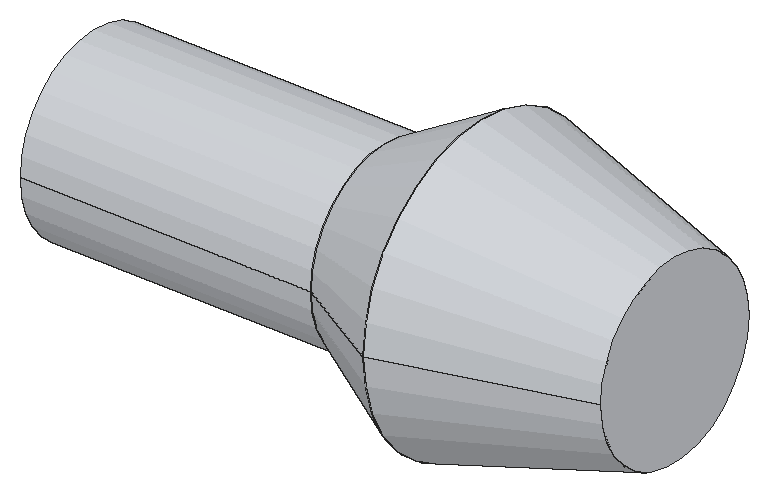
Revit family "M_Branch Connection - Welded - Generic", category Pipe Fittings, Revit 2014
Parameters (values of type "Standard")
  built-in parameter 1114214 [instance] = 25 mm
  built-in parameter 1114213 [instance] = 25 mm
  built-in parameter 1114215 [instance] = size_lookup(Lookup Table Name, "Lgt", 0.2 * Nominal Diameter + 27.583 mm, Nominal Diameter)  # 0.052083 (stored number, unit not read)
  Nominal Radius [instance] = 3 mm
  Nominal Diameter [instance] = Nominal Radius * 2  # 6 mm
  Lookup Table Name = "M_Branch Connection - Welded - Generic"
  Fitting Outside Radius 2 [instance] = Fitting Outside Diameter 2 / 2  # 7.938 mm
  Fitting Outside Radius 1 [instance] = Fitting Outside Diameter 1 / 2  # 12.7 mm
  Fitting Outside Diameter 2 [instance] = size_lookup(Lookup Table Name, "FOD2", 0.99 * Nominal Diameter + 12.7 mm, Nominal Diameter)  # 15.875 mm
  Fitting Outside Diameter 1 [instance] = size_lookup(Lookup Table Name, "FOD1", 1.11 * Nominal Diameter + 32.246 mm, Nominal Diameter)  # 25.4 mm
Reference planes
  plane 1 "Center (Front/Back)": y = 0
  plane 2: z = 0
  plane 3 "Center (Left/Right)": x = 0
  plane 4: x = -25
  plane 5: x = 25
  plane 6: x = 8.333
  plane 7: x = 16.667
Forms (mm)
  Extrusion 1, solid, detail levels fine
    sketch origin (0, 0, 0) x (0, 1, 0) y (0, 0, 1)
      loop
        circle (0, 0) r 7.938
    from -25 to 0
  Blend 2, solid, detail levels fine
    base sketch origin (0, 0, 0) x (0, 1, 0) y (0, 0, 1)
      loop
        circle (0, 0) r 7.938
    top sketch origin (0, 0, 0) x (0, 1, 0) y (0, 0, 1)
      loop
        circle (0, 0) r 12.7
    from 0 to 8.333
  Blend 3, solid, detail levels fine
    base sketch origin (0, 0, 0) x (0, 1, 0) y (0, 0, 1)
      loop
        circle (0, 0) r 7.938
    top sketch origin (0, 0, 0) x (0, 1, 0) y (0, 0, 1)
      loop
        circle (0, 0) r 12.7
    from 25 to 8.333
Dimensions and locks
  "built-in parameter 1114214": plane 4 to plane 3 "Center (Left/Right)"
  "built-in parameter 1114213": plane 3 "Center (Left/Right)" to plane 5
  equal spacing: plane 3 "Center (Left/Right)", plane 6, plane 7, plane 5
  "Fitting Outside Radius 2": radius of Extrusion 1 sketch curve
  "Fitting Outside Radius 2": radius of Blend 2 sketch curve
  "Fitting Outside Radius 1": radius of Blend 2 sketch curve
  "Fitting Outside Radius 2": radius of Blend 3 sketch curve
  "Fitting Outside Radius 1": radius of Blend 3 sketch curve
  aligned and locked: plane 2 to level
  aligned and locked: plane 2 to Extrusion 1 sketch curve
  aligned and locked: plane 1 "Center (Front/Back)" to Extrusion 1 sketch curve
  aligned and locked: Extrusion 1 to plane 4
  aligned and locked: plane 3 "Center (Left/Right)" to Extrusion 1
  aligned and locked: plane 2 to Blend 2 sketch curve  (x2)
  aligned and locked: plane 1 "Center (Front/Back)" to Blend 2 sketch curve  (x2)
  aligned and locked: Blend 2 to plane 3 "Center (Left/Right)"
  aligned and locked: plane 6 to Blend 2
  aligned and locked: plane 2 to Blend 3 sketch curve  (x2)
  aligned and locked: plane 1 "Center (Front/Back)" to Blend 3 sketch curve  (x2)
  aligned and locked: Blend 3 to plane 5
  aligned and locked: Blend 3 to plane 6
Connectors
  piping at (0, 0, 0), diameter 6, driven by "Nominal Radius"
    settings: on Blend 2, index 1, connector inside diameter 6 mm, connector length 0 mm, flow factor 0, pipe flow 0.0 L/s, pressure drop 0.0 Pa, fitting loss kfactor 0, connector angle 0.00°, fixture units 0, engagement length 0 mm, angle of deflection 0.00°, flow configuration 0, flow direction 0, fitting loss method 0, system type 28, joint type 0, gender type 0, connector reference index 2, connector utility 0, adjustable connector no, is connector primary yes, connector description ""
  piping at (25, 0, 0), diameter 6, driven by "Nominal Radius"
    settings: on Blend 3, index 2, connector inside diameter 6 mm, connector length 0 mm, flow factor 0, pipe flow 0.0 L/s, pressure drop 0.0 Pa, fitting loss kfactor 0, connector angle 0.00°, fixture units 0, engagement length 0 mm, angle of deflection 0.00°, flow configuration 0, flow direction 0, fitting loss method 0, system type 28, joint type 0, gender type 0, connector reference index 1, connector utility 0, adjustable connector no, is connector primary no, connector description ""
